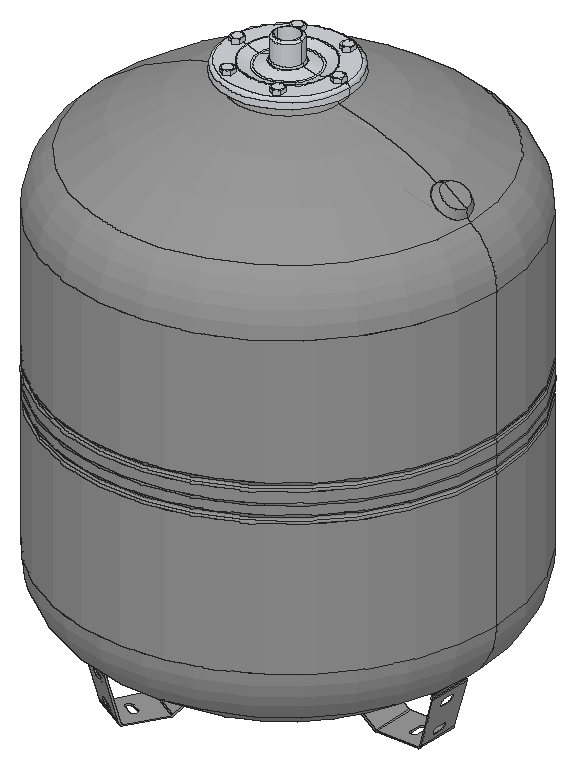
Revit family "WRV 100", category Оборудование, Revit 2014
Parameters
  Описание = "Мембранный бак для отопления V=100л, Py=5бар, 1\""
  Материал крышки = Черная резина
  Материал = Красная краска
  Масса кг = "13.25"
  Крышка [instance] = yes
  Комментарии к типоразмеру = "WRV 100"
  Изготовитель = "WESTER"  # constant formula
  URL = "http://www.wester.su/"
Reference planes
  plane 1 "По центру (Вперед/Назад)": y = 0
  plane 2: z = 0
  plane 3 "По центру (Влево/Вправо)": x = 0
Forms (mm)
  Revolve 1, solid, material "Красная краска" <- "Материал"
    sketch origin (-161.5, 0, 323.588) x (0, 0, -1) y (1, 0, 0)
      loop
        line (178.407, 408.998) -> (19.077, 408.998)
        arc (19.077, 408.998) -> (17.595, 408.601) -> (16.509, 407.515) r 2.965
        arc (16.509, 407.515) -> (14.348, 406.268) -> (12.187, 407.515) r 2.495
        arc (12.187, 407.515) -> (11.088, 408.601) -> (9.595, 408.998) r 3.007
        line (9.595, 408.998) -> (-0.526, 408.998)
        arc (-0.526, 408.998) -> (-1.592, 409.332) -> (-2.659, 408.998) r 1.869
        line (-2.659, 408.998) -> (-14.913, 408.998)
        arc (-14.913, 408.998) -> (-16.406, 408.601) -> (-17.505, 407.515) r 3.007
        arc (-17.505, 407.515) -> (-19.666, 406.268) -> (-21.827, 407.515) r 2.495
        arc (-21.827, 407.515) -> (-22.912, 408.601) -> (-24.395, 408.998) r 2.965
        line (-24.395, 408.998) -> (-175.723, 408.998)
        arc (-175.723, 408.998) -> (-210.578, 401.001) -> (-238.462, 378.61) r 79.961
        arc (-238.462, 378.61) -> (-283.327, 304.717) -> (-308.842, 222.123) r 352.221
        line (-308.842, 222.123) -> (-321.955, 209.009) -> (-321.955, 161.5) -> (315.528, 161.5) -> (315.528, 188.266)
        arc (315.528, 188.266) -> (292.528, 289.01) -> (241.106, 378.644) r 349.909
        arc (241.106, 378.644) -> (213.237, 401.01) -> (178.407, 408.998) r 79.932
      axis (-321.955, 161.5) -> (315.528, 161.5)
    angle from 0 to 360
  Revolve 2, solid
    sketch origin (0, 0, 378.484) x (1, 0, 0) y (0, 0, 1)
      loop
        line (0, 267.059) -> (69.996, 267.059) -> (69.996, 268.559) -> (73.753, 268.559) -> (73.151, 275.443)
        arc (73.151, 275.443) -> (71.956, 278.131) -> (69.36, 279.516) r 4.524
        line (69.36, 279.516) -> (48.486, 279.516)
        arc (48.486, 279.516) -> (47.948, 279.469) -> (47.425, 279.329) r 3.112
        line (47.425, 279.329) -> (35.297, 275.272)
        arc (35.297, 275.272) -> (34.006, 275.061) -> (32.715, 275.272) r 4.069
        line (32.715, 275.272) -> (19.199, 279.345)
        arc (19.199, 279.345) -> (18.587, 279.478) -> (17.962, 279.515) r 4.016
        arc (17.962, 279.515) -> (17.646, 280.767) -> (16.627, 281.561) r 1.989
        line (16.627, 281.561) -> (16.627, 305.062) -> (14.134, 307.555) -> (13.354, 307.555) -> (13.354, 279.516) -> (0, 279.516) -> (0, 267.059)
      axis (0, 307.555) -> (0, 267.059)
    angle from 0 to 360
  Revolve 3, solid
    sketch origin (-170.866, 0, 25.479) x (0.833886, 0, -0.551937) y (0.551937, 0, 0.833886)
      loop
        line (-3.985, 668.015) -> (-3.985, 656.503) -> (-5.516, 656.503) -> (-5.516, 652.003) -> (0, 652.003) -> (0, 665.157) -> (-1.586, 665.157) -> (-2.15, 665.72) -> (-2.15, 669.003) -> (-2.997, 669.003) -> (-3.985, 668.015)
      axis (0, 669.003) -> (0, 652.003)
    angle from 0 to 360
  Revolve 4, solid, material "Черная резина" <- "Материал крышки", visible <- "Крышка"
    sketch origin (-170.866, 0, 25.479) x (0.833886, 0, -0.551937) y (0.551937, 0, 0.833886)
      loop
        line (0, 652.003) -> (0, 670.119) -> (-16.18, 670.119) -> (-21.758, 662.442) -> (-7.391, 652.003) -> (0, 652.003)
      axis (0, 670.119) -> (0, 652.003)
    angle from 0 to 360
  Revolve 5, void
    sketch origin (449.013, 0, 520.025) x (-0.446198, 0, 0.894934) y (-0.894934, 0, -0.446198)
      loop
        line (153.8, 207.184) -> (147.466, 193.322)
        arc (147.466, 193.322) -> (145.41, 190.073) -> (142.56, 187.491) r 14.244
        line (142.56, 187.491) -> (143.693, 184.471) -> (167.312, 198.108) -> (160.004, 210.765) -> (153.8, 207.184)
      axis (167.312, 198.108) -> (160.004, 210.765)
    angle from 0 to 360
  Extrusion 6, solid, material "Красная краска" <- "Материал"
    sketch origin (0, 0, 0) x (1, 0, 0) y (0, 0, 1)
      loop
        arc (192.133, 62.562) -> (192.393, 63.087) -> (192.833, 63.472) r 1.5
        line (192.833, 63.472) -> (193.702, 63.973) -> (193.103, 65.012) -> (192.234, 64.512)
        arc (192.234, 64.512) -> (191.441, 63.818) -> (190.974, 62.874) r 2.7
        line (190.974, 62.874) -> (190.017, 59.315)
        arc (190.017, 59.315) -> (189.945, 58.373) -> (190.194, 57.461) r 2.774
        arc (190.194, 57.461) -> (190.327, 56.964) -> (190.282, 56.451) r 1.478
        line (190.282, 56.451) -> (175.914, 3.05)
        arc (175.914, 3.05) -> (175.021, 1.716) -> (173.5, 1.2) r 2.5
        line (173.5, 1.2) -> (125.187, 1.2)
        arc (125.187, 1.2) -> (124.385, 1.332) -> (123.667, 1.714) r 2.5
        line (123.667, 1.714) -> (104.898, 16.075)
        arc (104.898, 16.075) -> (104.539, 16.47) -> (104.341, 16.965) r 1.493
        arc (104.341, 16.965) -> (104.014, 17.805) -> (103.409, 18.473) r 2.491
        line (103.409, 18.473) -> (100.61, 20.615)
        arc (100.61, 20.615) -> (99.318, 21.148) -> (97.932, 20.963) r 2.7
        line (97.932, 20.963) -> (97.026, 20.586) -> (97.487, 19.478) -> (98.393, 19.855)
        arc (98.393, 19.855) -> (99.163, 19.958) -> (99.881, 19.662) r 1.5
        line (99.881, 19.662) -> (102.669, 17.528)
        arc (102.669, 17.528) -> (102.995, 17.166) -> (103.175, 16.712) r 1.379
        arc (103.175, 16.712) -> (103.527, 15.827) -> (104.168, 15.122) r 2.667
        line (104.168, 15.122) -> (122.938, 0.761)
        arc (122.938, 0.761) -> (124, 0.196) -> (125.187, 0) r 3.7
        line (125.187, 0) -> (173.5, 0)
        arc (173.5, 0) -> (175.751, 0.763) -> (177.073, 2.739) r 3.7
        line (177.073, 2.739) -> (191.441, 56.14)
        arc (191.441, 56.14) -> (191.523, 57.079) -> (191.279, 57.989) r 2.707
        arc (191.279, 57.989) -> (191.15, 58.547) -> (191.206, 59.117) r 1.759
        line (191.206, 59.117) -> (192.133, 62.562)
    from -24.996 to 25.004
  Extrusion 7, void
    sketch origin (0, 0, 0) x (0, 1, 0) y (0, 0, 1)
      loop
        line (-5.504, 40.466) -> (5.496, 40.466)
        arc (5.496, 40.466) -> (9.998, 44.967) -> (5.496, 49.469) r 4.501
        line (5.496, 49.469) -> (-5.504, 49.469)
        arc (-5.504, 49.469) -> (-10.005, 44.967) -> (-5.504, 40.466) r 4.501
      loop
        line (-5.504, 7.374) -> (5.496, 7.374)
        arc (5.496, 7.374) -> (9.998, 11.875) -> (5.496, 16.377) r 4.501
        line (5.496, 16.377) -> (-5.504, 16.377)
        arc (-5.504, 16.377) -> (-10.005, 11.875) -> (-5.504, 7.374) r 4.501
    from 169.772 to 202.395
  Extrusion 8, void
    sketch origin (0, 0, 0) x (1, 0, 0) y (0, 1, 0)
      loop
        arc (159.5, 5.496) -> (155, 9.996) -> (150.5, 5.496) r 4.5
        line (150.5, 5.496) -> (150.5, -5.504)
        arc (150.5, -5.504) -> (155, -10.004) -> (159.5, -5.504) r 4.5
        line (159.5, -5.504) -> (159.5, 5.496)
    from 0 to 13.048
  Extrusion 9, solid, material "Красная краска" <- "Материал"
    sketch origin (0.003, -0.006, 0) x (-0.5, -0.866025, 0) y (0, 0, 1)
      loop
        arc (192.133, 62.562) -> (192.393, 63.087) -> (192.833, 63.472) r 1.5
        line (192.833, 63.472) -> (193.702, 63.973) -> (193.103, 65.012) -> (192.234, 64.512)
        arc (192.234, 64.512) -> (191.441, 63.818) -> (190.974, 62.874) r 2.7
        line (190.974, 62.874) -> (190.017, 59.315)
        arc (190.017, 59.315) -> (189.945, 58.373) -> (190.194, 57.461) r 2.774
        arc (190.194, 57.461) -> (190.327, 56.964) -> (190.282, 56.451) r 1.478
        line (190.282, 56.451) -> (175.914, 3.05)
        arc (175.914, 3.05) -> (175.021, 1.716) -> (173.5, 1.2) r 2.5
        line (173.5, 1.2) -> (125.187, 1.2)
        arc (125.187, 1.2) -> (124.385, 1.332) -> (123.667, 1.714) r 2.5
        line (123.667, 1.714) -> (104.898, 16.075)
        arc (104.898, 16.075) -> (104.539, 16.47) -> (104.341, 16.965) r 1.493
        arc (104.341, 16.965) -> (104.014, 17.805) -> (103.409, 18.473) r 2.491
        line (103.409, 18.473) -> (100.61, 20.615)
        arc (100.61, 20.615) -> (99.318, 21.148) -> (97.932, 20.963) r 2.7
        line (97.932, 20.963) -> (97.026, 20.586) -> (97.487, 19.478) -> (98.393, 19.855)
        arc (98.393, 19.855) -> (99.163, 19.958) -> (99.881, 19.662) r 1.5
        line (99.881, 19.662) -> (102.669, 17.528)
        arc (102.669, 17.528) -> (102.995, 17.166) -> (103.175, 16.712) r 1.379
        arc (103.175, 16.712) -> (103.527, 15.827) -> (104.168, 15.122) r 2.667
        line (104.168, 15.122) -> (122.938, 0.761)
        arc (122.938, 0.761) -> (124, 0.196) -> (125.187, 0) r 3.7
        line (125.187, 0) -> (173.5, 0)
        arc (173.5, 0) -> (175.751, 0.763) -> (177.073, 2.739) r 3.7
        line (177.073, 2.739) -> (191.441, 56.14)
        arc (191.441, 56.14) -> (191.523, 57.079) -> (191.279, 57.989) r 2.707
        arc (191.279, 57.989) -> (191.15, 58.547) -> (191.206, 59.117) r 1.759
        line (191.206, 59.117) -> (192.133, 62.562)
    from -24.996 to 25.004
  Extrusion 10, solid, material "Красная краска" <- "Материал"
    sketch origin (-0.003, -0.006, 0) x (-0.5, 0.866025, 0) y (0, 0, 1)
      loop
        arc (192.133, 62.562) -> (192.393, 63.087) -> (192.833, 63.472) r 1.5
        line (192.833, 63.472) -> (193.702, 63.973) -> (193.103, 65.012) -> (192.234, 64.512)
        arc (192.234, 64.512) -> (191.441, 63.818) -> (190.974, 62.874) r 2.7
        line (190.974, 62.874) -> (190.017, 59.315)
        arc (190.017, 59.315) -> (189.945, 58.373) -> (190.194, 57.461) r 2.774
        arc (190.194, 57.461) -> (190.327, 56.964) -> (190.282, 56.451) r 1.478
        line (190.282, 56.451) -> (175.914, 3.05)
        arc (175.914, 3.05) -> (175.021, 1.716) -> (173.5, 1.2) r 2.5
        line (173.5, 1.2) -> (125.187, 1.2)
        arc (125.187, 1.2) -> (124.385, 1.332) -> (123.667, 1.714) r 2.5
        line (123.667, 1.714) -> (104.898, 16.075)
        arc (104.898, 16.075) -> (104.539, 16.47) -> (104.341, 16.965) r 1.493
        arc (104.341, 16.965) -> (104.014, 17.805) -> (103.409, 18.473) r 2.491
        line (103.409, 18.473) -> (100.61, 20.615)
        arc (100.61, 20.615) -> (99.318, 21.148) -> (97.932, 20.963) r 2.7
        line (97.932, 20.963) -> (97.026, 20.586) -> (97.487, 19.478) -> (98.393, 19.855)
        arc (98.393, 19.855) -> (99.163, 19.958) -> (99.881, 19.662) r 1.5
        line (99.881, 19.662) -> (102.669, 17.528)
        arc (102.669, 17.528) -> (102.995, 17.166) -> (103.175, 16.712) r 1.379
        arc (103.175, 16.712) -> (103.527, 15.827) -> (104.168, 15.122) r 2.667
        line (104.168, 15.122) -> (122.938, 0.761)
        arc (122.938, 0.761) -> (124, 0.196) -> (125.187, 0) r 3.7
        line (125.187, 0) -> (173.5, 0)
        arc (173.5, 0) -> (175.751, 0.763) -> (177.073, 2.739) r 3.7
        line (177.073, 2.739) -> (191.441, 56.14)
        arc (191.441, 56.14) -> (191.523, 57.079) -> (191.279, 57.989) r 2.707
        arc (191.279, 57.989) -> (191.15, 58.547) -> (191.206, 59.117) r 1.759
        line (191.206, 59.117) -> (192.133, 62.562)
    from -24.996 to 25.004
  Extrusion 11, void
    sketch origin (-0.003, -0.006, 0) x (-0.866025, -0.5, 0) y (0, 0, 1)
      loop
        line (-5.504, 40.466) -> (5.496, 40.466)
        arc (5.496, 40.466) -> (9.998, 44.967) -> (5.496, 49.469) r 4.501
        line (5.496, 49.469) -> (-5.504, 49.469)
        arc (-5.504, 49.469) -> (-10.005, 44.967) -> (-5.504, 40.466) r 4.501
      loop
        line (-5.504, 7.374) -> (5.496, 7.374)
        arc (5.496, 7.374) -> (9.998, 11.875) -> (5.496, 16.377) r 4.501
        line (5.496, 16.377) -> (-5.504, 16.377)
        arc (-5.504, 16.377) -> (-10.005, 11.875) -> (-5.504, 7.374) r 4.501
    from 169.772 to 202.395
  Extrusion 12, void
    sketch origin (-0.003, -0.006, 0) x (-0.5, 0.866025, 0) y (-0.866025, -0.5, 0)
      loop
        arc (159.5, 5.496) -> (155, 9.996) -> (150.5, 5.496) r 4.5
        line (150.5, 5.496) -> (150.5, -5.504)
        arc (150.5, -5.504) -> (155, -10.004) -> (159.5, -5.504) r 4.5
        line (159.5, -5.504) -> (159.5, 5.496)
    from 0 to 13.048
  Extrusion 13, void
    sketch origin (0.003, -0.006, 0) x (0.866025, -0.5, 0) y (0, 0, 1)
      loop
        line (-5.504, 40.466) -> (5.496, 40.466)
        arc (5.496, 40.466) -> (9.998, 44.967) -> (5.496, 49.469) r 4.501
        line (5.496, 49.469) -> (-5.504, 49.469)
        arc (-5.504, 49.469) -> (-10.005, 44.967) -> (-5.504, 40.466) r 4.501
      loop
        line (-5.504, 7.374) -> (5.496, 7.374)
        arc (5.496, 7.374) -> (9.998, 11.875) -> (5.496, 16.377) r 4.501
        line (5.496, 16.377) -> (-5.504, 16.377)
        arc (-5.504, 16.377) -> (-10.005, 11.875) -> (-5.504, 7.374) r 4.501
    from 169.772 to 202.395
  Extrusion 14, void
    sketch origin (0.003, -0.006, 0) x (-0.5, -0.866025, 0) y (0.866025, -0.5, 0)
      loop
        arc (159.5, 5.496) -> (155, 9.996) -> (150.5, 5.496) r 4.5
        line (150.5, 5.496) -> (150.5, -5.504)
        arc (150.5, -5.504) -> (155, -10.004) -> (159.5, -5.504) r 4.5
        line (159.5, -5.504) -> (159.5, 5.496)
    from 0 to 13.048
Cuts and joins
  Revolve 5 cuts Revolve 1
  Extrusion 7, Extrusion 8, Extrusion 11 cuts Extrusion 6
  Extrusion 11, Extrusion 12, Extrusion 13 cuts Extrusion 10
  Extrusion 13, Extrusion 14 cuts Extrusion 9
Dimensions and locks
  aligned and locked: level to plane 2
Nested families
  nested 1: "Болт" at (30, -51.954, 658) x (0, 1, 0) z (0, 0, 1), type "Болт"
  nested 2: "Болт" at (59.993, 0, 658) x (0, 1, 0) z (0, 0, 1), type "Болт"
  nested 3: "Болт" at (29.993, 51.958, 658) x (0, 1, 0) z (0, 0, 1), type "Болт"
  nested 4: "Болт" at (-60, 0, 658) x (0, 1, 0) z (0, 0, 1), type "Болт"
  nested 5: "Болт" at (-30, 51.958, 658) x (0, 1, 0) z (0, 0, 1), type "Болт"
  nested 6: "Болт" at (-29.987, -51.954, 658) x (0, 1, 0) z (0, 0, 1), type "Болт"
Connectors
  piping at (0, 0, 686.039), diameter 25
    settings: on Revolve 2, index 1, connector inside diameter 609.6 mm, connector length 0 mm, flow factor 0, pipe flow 0.0 L/s, pressure drop 0.0 Pa, fitting loss kfactor 0, connector angle 0.00°, fixture units 0, engagement length 0 mm, angle of deflection 0.00°, flow configuration 1, flow direction 0, fitting loss method 0, system type 29, joint type 0, gender type 0, connector reference index -1, connector utility 0, adjustable connector no, is connector primary yes, connector description ""
Definition of nested family "Болт"
  Parameters (values of type "Болт")
    Default Elevation = 1219.2 mm
  Reference planes
    plane 1 "По центру (Вперед/Назад)": y = 0
    plane 2: z = 0
    plane 3 "По центру (Влево/Вправо)": x = 0
  Forms (mm)
    Extrusion 1, solid
      sketch origin (0, 0, 0) x (1, 0, 0) y (0, 1, 0)
        loop
          line (-1219.2, 1219.2) -> (-1219.2, -1219.2) -> (1219.2, -1219.2) -> (1219.2, 1219.2) -> (-1219.2, 1219.2)
      from 0 to -304.8
    Extrusion 2, solid, detail levels medium+fine
      sketch origin (0, 0, 0) x (0, 1, 0) y (-1, 0, 0)
        loop
          line (-6.5, -3.753) -> (0, -7.506) -> (6.5, -3.753) -> (6.5, 3.753) -> (0, 7.506) -> (-6.5, 3.753) -> (-6.5, -3.753)
      from 0 to 5.3
    Extrusion 3, solid, detail levels medium+fine
      sketch origin (0, 0, 0) x (1, 0, 0) y (0, 1, 0)
        loop
          circle (0, 0) r 4
      from -14 to 0
    Revolve 4, void
      sketch origin (0, 0, 0) x (1, 0, 0) y (0, 0, 1)
        loop
          line (-7.506, 4.447) -> (-6.413, 5.3) -> (-7.506, 5.3) -> (-7.506, 4.447)
        axis (0, 5.3) -> (0, 4.3)
      angle from 0 to 360
    Revolve 5, void
      sketch origin (0, 0, 0) x (1, 0, 0) y (0, 0, 1)
        loop
          line (-4, -14) -> (-2.365, -14) -> (-4, -12.365) -> (-4, -14)
        axis (0, -12.365) -> (0, -14)
      angle from 0 to 360
  Cuts and joins
    Revolve 4 cuts Extrusion 2
    Revolve 5 cuts Extrusion 3
    joined: Extrusion 2, Extrusion 3
  Dimensions and locks
    aligned and locked: plane 2 to Extrusion 1
    aligned and locked: level to Extrusion 1
    aligned and locked: Revolve 4 sketch curve to plane 3 "По центру (Влево/Вправо)"
    aligned and locked: cut or joined group of Extrusion 2, Extrusion 3, Revolve 4, Revolve 5 to Revolve 4 sketch curve
